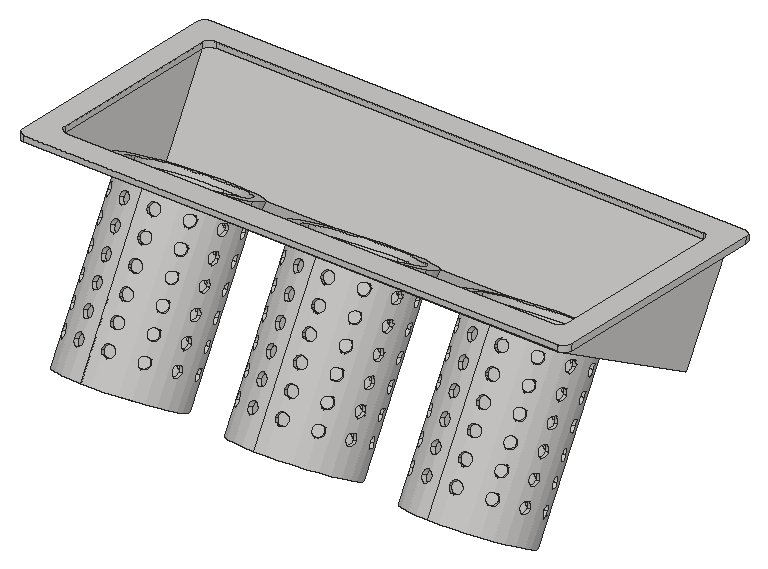
Revit family "QF_Vollrath_FMF-3", category Specialty Equipment, Revit 2016
Family settings
  Part Type = Normal
  Round Connector Dimension = Use Diameter
  OmniClass Number = 23.40.40.14.24
  OmniClass Title = Food Dispensing Equipment
  Work Plane-Based = Yes
  Always vertical = No
  Cut with Voids When Loaded = Yes
  Shared = No
  Room Calculation Point = No
Parameters
  Width = 17.62"
  Weight in Pounds = 0
  Watermarked By = ""
  URL Cutsheet = ""
  URL = "www.vollrath.com"
  Specification by User [instance] = ""
  Specification by Manufacturer [instance] = ""
  Serial Number [instance] = ""
  Revision Code [instance] = ""
  NAFEM Spec ID Number [instance] = ""
  Model = "FMF-3"
  Material = QF_Stainless-Polished
  Masterspec [instance] = ""
  Manufacturer = "Vollrath"
  Item Number [instance] = "-"
  Installed By [instance] = ""
  Height = 7.50"
  Furnished By [instance] = ""
  Foodservice Equipment Identifier = yes
  Description = "Flatware Dispenser"
  Depth = 7.50"
  Default Elevation = 48.00"
  CSI MasterFormat = ""
Reference planes (in)
  plane 1 "BACK": y = 0
  plane 2 "BOTTOM": z = 0
  plane 3 "LEFT": x = -16.56573
  plane 4 "RIGHT": x = 1.05427
  plane 5 "CENTER L/R": x = -7.75573
  plane 6 "FRONT": y = -7.5
  plane 7: y = -3.75
  plane 8 "Inner Left": x = -16.16573
  plane 9 "Inner Right": x = 0.65427
  plane 10: x = -11.96073
  plane 11: x = -3.55073
  plane 12 "TOP": z = 0.18
  plane 13 "Bottom of Holders": z = -8
  plane 14: z = -3
Forms (in)
  Extrusion 1, void
    sketch origin (0, 0, -8) x (0, 1, 0) y (-1, 0, 0)
      loop
        arc (0, 16.31573) -> (-0.07322, 16.4925) -> (-0.25, 16.56573) r 0.25
        line (-0.25, 16.56573) -> (-7.25, 16.56573)
        arc (-7.25, 16.56573) -> (-7.42678, 16.4925) -> (-7.5, 16.31573) r 0.25
        line (-7.5, 16.31573) -> (-7.5, -0.80427)
        arc (-7.5, -0.80427) -> (-7.42678, -0.98105) -> (-7.25, -1.05427) r 0.25
        line (-7.25, -1.05427) -> (-0.25, -1.05427)
        arc (-0.25, -1.05427) -> (-0.07322, -0.98105) -> (0, -0.80427) r 0.25
        line (0, -0.80427) -> (0, 16.31573)
    from 0 to 8.18
  Extrusion 2, solid, material "QF_Stainless-Polished" <- "Material"
    sketch origin (0, 0, 0) x (1, 0, 0) y (0, 1, 0)
      loop
        arc (-16.31573, 0) -> (-16.4925, -0.07322) -> (-16.56573, -0.25) r 0.25
        line (-16.56573, -0.25) -> (-16.56573, -7.25)
        arc (-16.56573, -7.25) -> (-16.4925, -7.42678) -> (-16.31573, -7.5) r 0.25
        line (-16.31573, -7.5) -> (0.80427, -7.5)
        arc (0.80427, -7.5) -> (0.98105, -7.42678) -> (1.05427, -7.25) r 0.25
        line (1.05427, -7.25) -> (1.05427, -0.25)
        arc (1.05427, -0.25) -> (0.98105, -0.07322) -> (0.80427, 0) r 0.25
        line (0.80427, 0) -> (-16.31573, 0)
      loop
        arc (-15.56573, -0.75) -> (-15.7425, -0.82322) -> (-15.81573, -1) r 0.25
        line (-15.81573, -1) -> (-15.81573, -6.5)
        arc (-15.81573, -6.5) -> (-15.7425, -6.67678) -> (-15.56573, -6.75) r 0.25
        line (-15.56573, -6.75) -> (0.05427, -6.75)
        arc (0.05427, -6.75) -> (0.23105, -6.67678) -> (0.30427, -6.5) r 0.25
        line (0.30427, -6.5) -> (0.30427, -1)
        arc (0.30427, -1) -> (0.23105, -0.82322) -> (0.05427, -0.75) r 0.25
        line (0.05427, -0.75) -> (-15.56573, -0.75)
    from 0 to 0.18
  Extrusion 3, solid, material "QF_Stainless-Polished" <- "Material"
    sketch origin (-16.16573, 0, 0) x (0, 1, 0) y (0, 0, 1)
      loop
        line (-0.5, 0) -> (-0.7058, 0) -> (-2.23306, -2.75525) -> (-7.20366, 0) -> (-7.29093, 0) -> (-7.29093, -0.15743) -> (-2.1629, -2.99995) -> (-0.5, 0)
    from 0 to 16.82
  Extrusion 4, solid, material "QF_Stainless-Polished" <- "Material"
    sketch origin (-16.16573, 0, 0) x (0, 1, 0) y (0, 0, 1)
      loop
        line (-0.5, 0) -> (-7.29093, 0) -> (-7.29093, -0.15743) -> (-2.1629, -2.99995) -> (-0.5, 0)
    from 0 to 0.18
  Extrusion 5, solid, material "QF_Stainless-Polished" <- "Material"
    sketch origin (0.65427, 0, 0) x (0, 1, 0) y (0, 0, 1)
      loop
        line (-0.5, 0) -> (-7.29093, 0) -> (-7.29093, -0.15743) -> (-2.1629, -2.99995) -> (-0.5, 0)
    from 0 to -0.18
  Extrusion 6, void
    sketch origin (-16.16573, -2.07563, -2.84251) x (0, 0.87462, -0.48481) y (1, 0, 0)
      loop
        circle (-3.02158, 2.83) r 2.0225
      loop
        circle (-3.02158, 8.41) r 2.0225
    from 0 to 0.58974
  Extrusion 7, void
    sketch origin (-16.16573, -2.07563, -2.84251) x (0, 0.87462, -0.48481) y (1, 0, 0)
      loop
        circle (-3.02158, 13.99) r 2.0225
    from 0 to 0.58974
Cuts and joins
  Extrusion 6, Extrusion 7 cuts Extrusion 3
  Extrusion 6, Extrusion 7 cuts Extrusion 4
  Extrusion 6, Extrusion 7 cuts Extrusion 5
  joined: Extrusion 3, Extrusion 4, Extrusion 5
Lines and regions (in)
  symbolic lines, style "QF_Details_Surface"
    curve 1: spline (-15.35793, -4.69876, 0) -> (-15.284, -4.24492, 0) -> (-15.07924, -3.82293, 0) -> (-14.7574, -3.46114, 0) -> (-14.34011, -3.18383, 0) -> (-13.85536, -3.00963, 0) -> (-13.33573, -2.95023, 0) -> (-12.81609, -3.00963, 0) -> (-12.33135, -3.18383, 0) -> (-11.91405, -3.46114, 0) -> (-11.59221, -3.82293, 0) -> (-11.38746, -4.24492, 0) -> (-11.31353, -4.69876, 0)
    curve 2: spline (-11.31353, -4.69876, 0) -> (-11.38243, -5.15673, 0) -> (-11.58445, -5.58348, 0) -> (-11.90581, -5.94995, 0) -> (-12.32463, -6.23115, 0) -> (-12.81234, -6.40791, 0) -> (-13.33573, -6.46821, 0) -> (-13.85911, -6.40791, 0) -> (-14.34683, -6.23115, 0) -> (-14.76564, -5.94995, 0) -> (-15.087, -5.58348, 0) -> (-15.28902, -5.15673, 0) -> (-15.35793, -4.69876, 0)
    curve 3: spline (-5.65353, -4.69876, 0) -> (-5.72746, -4.24492, 0) -> (-5.93221, -3.82293, 0) -> (-6.25405, -3.46114, 0) -> (-6.67135, -3.18383, 0) -> (-7.15609, -3.00963, 0) -> (-7.67573, -2.95023, 0) -> (-8.19536, -3.00963, 0) -> (-8.68011, -3.18383, 0) -> (-9.0974, -3.46114, 0) -> (-9.41924, -3.82293, 0) -> (-9.624, -4.24492, 0) -> (-9.69793, -4.69876, 0)
    curve 4: spline (-9.69793, -4.69876, 0) -> (-9.62902, -5.15673, 0) -> (-9.427, -5.58348, 0) -> (-9.10564, -5.94995, 0) -> (-8.68683, -6.23115, 0) -> (-8.19911, -6.40791, 0) -> (-7.67573, -6.46821, 0) -> (-7.15234, -6.40791, 0) -> (-6.66463, -6.23115, 0) -> (-6.24581, -5.94995, 0) -> (-5.92445, -5.58348, 0) -> (-5.72243, -5.15673, 0) -> (-5.65353, -4.69876, 0)
    curve 21: spline (-4.19823, -4.71836, 0) -> (-4.12931, -4.26053, 0) -> (-3.92726, -3.8339, 0) -> (-3.60585, -3.46755, 0) -> (-3.18698, -3.18643, 0) -> (-2.69919, -3.00972, 0) -> (-2.17573, -2.94944, 0) -> (-1.65226, -3.00972, 0) -> (-1.16448, -3.18643, 0) -> (-0.7456, -3.46755, 0) -> (-0.42419, -3.8339, 0) -> (-0.22214, -4.26053, 0) -> (-0.15323, -4.71836, 0)
    curve 22: spline (-0.15323, -4.71836, 0) -> (-0.22214, -5.17619, 0) -> (-0.42419, -5.60282, 0) -> (-0.7456, -5.96918, 0) -> (-1.16448, -6.25029, 0) -> (-1.65226, -6.42701, 0) -> (-2.17573, -6.48728, 0) -> (-2.69919, -6.42701, 0) -> (-3.18698, -6.25029, 0) -> (-3.60585, -5.96918, 0) -> (-3.92726, -5.60282, 0) -> (-4.12931, -5.17619, 0) -> (-4.19823, -4.71836, 0)
  symbolic lines
    curve 5: line (-16.31573, 0, 0) -> (0.80427, 0, 0)
    curve 6: line (-16.56573, -7.25, 0) -> (-16.56573, -0.25, 0)
    curve 7: line (0.80427, -7.5, 0) -> (-16.31573, -7.5, 0)
    curve 8: line (1.05427, -0.25, 0) -> (1.05427, -7.25, 0)
    curve 9: arc (0.80427, -7.5, 0) -> (0.98105, -7.42678, 0) -> (1.05427, -7.25, 0) r 0.25
    curve 10: arc (1.05427, -0.25, 0) -> (0.98105, -0.07322, 0) -> (0.80427, 0, 0) r 0.25
    curve 11: arc (-16.31573, 0, 0) -> (-16.4925, -0.07322, 0) -> (-16.56573, -0.25, 0) r 0.25
    curve 12: arc (-16.56573, -7.25, 0) -> (-16.4925, -7.42678, 0) -> (-16.31573, -7.5, 0) r 0.25
    curve 13: line (-15.56573, -0.75, 0) -> (0.05427, -0.75, 0)
    curve 14: arc (-15.81573, -1, 0) -> (-15.7425, -0.82322, 0) -> (-15.56573, -0.75, 0) r 0.25
    curve 15: line (-15.81573, -6.5, 0) -> (-15.81573, -1, 0)
    curve 16: arc (-15.56573, -6.75, 0) -> (-15.7425, -6.67678, 0) -> (-15.81573, -6.5, 0) r 0.25
    curve 17: line (0.05427, -6.75, 0) -> (-15.56573, -6.75, 0)
    curve 18: arc (0.30427, -6.5, 0) -> (0.23105, -6.67678, 0) -> (0.05427, -6.75, 0) r 0.25
    curve 19: line (0.30427, -1, 0) -> (0.30427, -6.5, 0)
    curve 20: arc (0.05427, -0.75, 0) -> (0.23105, -0.82322, 0) -> (0.30427, -1, 0) r 0.25
Dimensions and locks (in)
  "Width": plane 3 "LEFT" to plane 4 "RIGHT"
  equal spacing: plane 3 "LEFT", plane 5 "CENTER L/R", plane 4 "RIGHT"
  "Depth": plane 1 "BACK" to plane 6 "FRONT"
  locked: plane 3 "LEFT" to plane 8 "Inner Left" at 0.4
  locked: plane 9 "Inner Right" to plane 4 "RIGHT" at 0.4
  equal spacing: plane 8 "Inner Left", plane 10, plane 5 "CENTER L/R"
  equal spacing: plane 5 "CENTER L/R", plane 11, plane 9 "Inner Right"
  locked: plane 12 "TOP" to level at 0.18
  level to plane 13 "Bottom of Holders" = 8.00"
  locked: Extrusion 2 sketch curve to plane 1 "BACK" at 0.75
  locked: plane 3 "LEFT" to Extrusion 2 sketch curve at 0.75
  locked: Extrusion 2 sketch curve to plane 4 "RIGHT" at 0.75
  locked: Extrusion 2 sketch curve to plane 6 "FRONT" at 0.75
  equal spacing: plane 1 "BACK", plane 7, plane 6 "FRONT"
  level to plane 14 = 3.00"
  aligned and locked: level to plane 2 "BOTTOM"
  aligned and locked: Extrusion 1 sketch curve to plane 4 "RIGHT"
  aligned and locked: plane 1 "BACK" to Extrusion 2 sketch curve
  aligned and locked: plane 3 "LEFT" to Extrusion 2 sketch curve
  aligned and locked: plane 6 "FRONT" to Extrusion 2 sketch curve
  aligned and locked: Extrusion 2 sketch curve to plane 4 "RIGHT"
  aligned and locked: plane 12 "TOP" to Extrusion 2
  aligned and locked: plane 9 "Inner Right" to Extrusion 3
  aligned and locked: curve 8 to plane 4 "RIGHT"
  aligned and locked: curve 19 to Extrusion 2
Automatic sketch dimensions
  Extrusion 3 sketch curve to level = 0.00"  (x2)
  plane 6 "FRONT" to Extrusion 3 sketch curve = 0.20907"
  Extrusion 3 sketch curve to Extrusion 3 sketch curve = 0.08727"
  plane 14 to Extrusion 3 sketch curve = 0.24475"
  plane 14 to Extrusion 3 sketch curve = 0.00005"
  Extrusion 3 sketch curve to Extrusion 3 sketch curve = 0.07017"
  plane 7 to Extrusion 3 sketch curve = 1.51694"
  Extrusion 3 sketch curve to Extrusion 3 sketch curve = 0.2058"
  Extrusion 4 sketch curve to level = 0.00"
  plane 6 "FRONT" to Extrusion 4 sketch curve = 0.20907"
  plane 14 to Extrusion 4 sketch curve = 0.00005"
  plane 7 to Extrusion 4 sketch curve = 1.5871"
  Extrusion 4 sketch curve to Extrusion 4 sketch curve = 0.15743"
  Extrusion 5 sketch curve to level = 0.00"
  plane 6 "FRONT" to Extrusion 5 sketch curve = 0.20907"
  plane 14 to Extrusion 5 sketch curve = 0.00005"
  plane 7 to Extrusion 5 sketch curve = 1.5871"
  Extrusion 5 sketch curve to Extrusion 5 sketch curve = 0.15743"
  Extrusion 1 sketch curve to plane 6 "FRONT" = 0.00"
  Extrusion 1 sketch curve to plane 3 "LEFT" = 0.00"
  plane 1 "BACK" to Extrusion 1 sketch curve = 0.00"
  plane 6 "FRONT" to Extrusion 1 sketch curve = 0.25"  (x2)
  plane 9 "Inner Right" to Extrusion 1 sketch curve = 0.15"
  plane 1 "BACK" to Extrusion 1 sketch curve = 0.25"
  Extrusion 2 sketch curve to plane 8 "Inner Left" = 0.15"  (x2)
  Extrusion 2 sketch curve to Extrusion 2 sketch curve = 0.25"  (x4)
  plane 9 "Inner Right" to Extrusion 2 sketch curve = 0.15"  (x2)
  curve 6 to plane 3 "LEFT" = 0.00"
  curve 7 to plane 6 "FRONT" = 0.00"
  plane 1 "BACK" to curve 11 = 0.00"
  curve 2 to plane 10 = 1.375"
  curve 3 to plane 11 = 4.125"
  curve 11 to plane 8 "Inner Left" = 0.15"
  curve 12 to plane 8 "Inner Left" = 0.15"
  plane 9 "Inner Right" to curve 9 = 0.15"
  plane 9 "Inner Right" to curve 10 = 0.15"
  plane 8 "Inner Left" to curve 2 = 0.8078"
  curve 1 to curve 1 = 0.00014"
  curve 3 to plane 5 "CENTER L/R" = 1.94234"
  curve 3 to curve 3 = 0.00014"
  curve 1 to plane 7 = 0.9693"
  curve 3 to plane 7 = 0.9693"
  curve 3 to curve 4 = 0.02055"
  curve 1 to curve 1 = 0.02055"
  plane 8 "Inner Left" to curve 14 = 0.60"
  plane 1 "BACK" to curve 14 = 1.00"
  curve 14 to curve 13 = 0.25"
  curve 12 to curve 15 = 0.75"
  curve 15 to curve 16 = 0.25"
  curve 17 to curve 18 = 0.25"
  curve 19 to curve 13 = 0.25"
  Extrusion 6 sketch curve to Extrusion 3 = 2.84158"  (x2)
  Extrusion 6 sketch curve to Extrusion 3 = 2.83"
  Extrusion 6 sketch curve to Extrusion 3 = 0.8075"
  Extrusion 6 sketch curve to Extrusion 6 sketch curve = 0.00"  (x2)
  Extrusion 6 sketch curve to Extrusion 6 sketch curve = 3.5575"
  Extrusion 6 sketch curve to Extrusion 6 sketch curve = 1.535"
  Extrusion 7 sketch curve to Extrusion 7 sketch curve = 0.00"  (x2)
  Extrusion 7 sketch curve to Extrusion 3 = 2.84158"
  Extrusion 7 sketch curve to Extrusion 3 = 2.83"
  Extrusion 7 sketch curve to Extrusion 7 sketch curve = 2.0225"
  curve 22 to plane 11 = 0.6475"
  plane 11 to curve 22 = 1.375"
  curve 21 to plane 7 = 0.96836"
Nested families (in)
  nested 1: "QF_Vollrath_Flatware Cylinder-1" at (3.23, -4.71836, -1.37762) x (1, 0, 0) z (0, 0.4848, 0.8746), type "QF_Vollrath_Flatware Cylinder-1"
    with Outer Lid Radius 2.0225", Material QF_Stainless-Polished, Lower Outer Radius 1.835", Inner Radius 1.71"
  nested 2: "QF_Vollrath_Flatware Cylinder-1" at (-24.32145, -4.71836, -1.37762) x (-1, 0, 0) z (0, 0.4848, 0.8746), type "QF_Vollrath_Flatware Cylinder-1"
    with Outer Lid Radius 2.0225", Material QF_Stainless-Polished, Lower Outer Radius 1.835", Inner Radius 1.71"
  nested 3: "QF_Vollrath_Flatware Cylinder-1" at (-18.74145, -4.71836, -1.37762) x (-1, 0, 0) z (0, 0.4848, 0.8746), type "QF_Vollrath_Flatware Cylinder-1"
    with Outer Lid Radius 2.0225", Material QF_Stainless-Polished, Lower Outer Radius 1.835", Inner Radius 1.71"
Definition of nested family "QF_Vollrath_Flatware Cylinder-1"
  Parameters
    Watermarked By = ""
    Outer Lid Radius [instance] = Inner Radius + 0.3125"  # 2.1875"
    Material [instance] = none
    Lower Outer Radius [instance] = Inner Radius + 0.125"  # 2.00"
    Inner Radius [instance] = 1.875"
    Default Elevation = 48.00"
  Reference planes (in)
    plane 1 "BACK": y = 0
    plane 2: z = 0
    plane 3 "LEFT": x = -16.56573
    plane 4 "TOP": z = 0.1875
    plane 5 "BOTTOM": z = -5.4504
  Forms (in)
    Extrusion 1, solid, material <- "Material"
      sketch origin (0, 0, 0) x (1, 0, 0) y (0, 1, 0)
        loop
          circle (-16.56573, 0) r 2.1875
        loop
          circle (-16.56573, 0) r 1.875
      from 0 to 0.1875
    Extrusion 2, solid, material <- "Material"
      sketch origin (0, 0, -5.4504) x (0, 1, 0) y (-1, 0, 0)
        loop
          circle (0, 16.56573) r 1.875
        loop
          circle (0, 16.56573) r 2
      from 0 to 5.4504
    Extrusion 3, solid, material <- "Material"
      sketch origin (0, 0, -5.4504) x (0, 1, 0) y (-1, 0, 0)
        loop
          circle (0, 16.56573) r 1.875
      from 0 to 0.125
    Extrusion 4, void
      sketch origin (-0.56446, -4.28753, 0) x (0.965926, -0.258819, 0) y (0, 0, 1)
        loop
          circle (-16.56573, -0.6875) r 0.1875
        loop
          circle (-16.56573, -1.4375) r 0.1875
        loop
          circle (-16.56573, -2.1875) r 0.1875
        loop
          circle (-16.56573, -2.9375) r 0.1875
        loop
          circle (-16.56573, -3.6875) r 0.1875
        loop
          circle (-16.56573, -4.4375) r 0.1875
      from -12 to 12
    Extrusion 5, void
      sketch origin (-4.85199, -11.71374, 0) x (0.707107, -0.707107, 0) y (0, 0, 1)
        loop
          circle (-16.56573, -0.6875) r 0.1875
        loop
          circle (-16.56573, -1.4375) r 0.1875
        loop
          circle (-16.56573, -2.1875) r 0.1875
        loop
          circle (-16.56573, -2.9375) r 0.1875
        loop
          circle (-16.56573, -3.6875) r 0.1875
        loop
          circle (-16.56573, -4.4375) r 0.1875
      from -12 to 12
    Extrusion 6, void
      sketch origin (-12.2782, -16.00126, 0) x (0.258819, -0.965926, 0) y (0, 0, 1)
        loop
          circle (-16.56573, -0.6875) r 0.1875
        loop
          circle (-16.56573, -1.4375) r 0.1875
        loop
          circle (-16.56573, -2.1875) r 0.1875
        loop
          circle (-16.56573, -2.9375) r 0.1875
        loop
          circle (-16.56573, -3.6875) r 0.1875
        loop
          circle (-16.56573, -4.4375) r 0.1875
      from -12 to 12
    Extrusion 7, void
      sketch origin (-20.85325, -16.00126, 0) x (-0.258819, -0.965926, 0) y (0, 0, 1)
        loop
          circle (-16.56573, -0.6875) r 0.1875
        loop
          circle (-16.56573, -1.4375) r 0.1875
        loop
          circle (-16.56573, -2.1875) r 0.1875
        loop
          circle (-16.56573, -2.9375) r 0.1875
        loop
          circle (-16.56573, -3.6875) r 0.1875
        loop
          circle (-16.56573, -4.4375) r 0.1875
      from -12 to 12
    Extrusion 8, void
      sketch origin (-28.27946, -11.71374, 0) x (-0.707107, -0.707107, 0) y (0, 0, 1)
        loop
          circle (-16.56573, -0.6875) r 0.1875
        loop
          circle (-16.56573, -1.4375) r 0.1875
        loop
          circle (-16.56573, -2.1875) r 0.1875
        loop
          circle (-16.56573, -2.9375) r 0.1875
        loop
          circle (-16.56573, -3.6875) r 0.1875
        loop
          circle (-16.56573, -4.4375) r 0.1875
      from -12 to 12
    Extrusion 9, void
      sketch origin (-32.56699, -4.28753, 0) x (-0.965926, -0.258819, 0) y (0, 0, 1)
        loop
          circle (-16.56573, -0.6875) r 0.1875
        loop
          circle (-16.56573, -1.4375) r 0.1875
        loop
          circle (-16.56573, -2.1875) r 0.1875
        loop
          circle (-16.56573, -2.9375) r 0.1875
        loop
          circle (-16.56573, -3.6875) r 0.1875
        loop
          circle (-16.56573, -4.4375) r 0.1875
      from -12 to 12
  Cuts and joins
    Extrusion 4, Extrusion 5, Extrusion 6, Extrusion 7, Extrusion 8, Extrusion 9 cuts Extrusion 1
    Extrusion 4, Extrusion 5, Extrusion 6, Extrusion 7, Extrusion 8, Extrusion 9 cuts Extrusion 2
    joined: Extrusion 1, Extrusion 2
  Lines and regions (in)
    symbolic lines
      curve 1: arc (-14.37823, 0, -5.4504) -> (-16.56573, 2.1875, -5.4504) -> (-18.75323, 0, -5.4504) r 2.1875
      curve 2: arc (-18.75323, 0, -5.4504) -> (-16.56573, -2.1875, -5.4504) -> (-14.37823, 0, -5.4504) r 2.1875
      curve 3: arc (-14.69073, 0, -5.4504) -> (-16.56573, -1.875, -5.4504) -> (-18.44073, 0, -5.4504) r 1.875
      curve 4: arc (-18.44073, 0, -5.4504) -> (-16.56573, 1.875, -5.4504) -> (-14.69073, 0, -5.4504) r 1.875
  Dimensions and locks (in)
    locked: plane 4 "TOP" to level at 0.1875
    locked: level to plane 5 "BOTTOM" at 5.4504
    "Outer Lid Radius": radius of Extrusion 1 sketch curve
    "Inner Radius": radius of Extrusion 1 sketch curve
    "Inner Radius": radius of Extrusion 2 sketch curve
    "Lower Outer Radius": radius of Extrusion 2 sketch curve
    "Inner Radius": radius of Extrusion 3 sketch curve
    aligned and locked: level to plane 2
    aligned and locked: plane 4 "TOP" to Extrusion 1
    aligned and locked: level to Extrusion 2
    aligned and locked: curve 1 to cut or joined group 1 (Extrusion 1, Extrusion 2, Extrusion 4, Extrusion 5, Extrusion 6, Extrusion 7, Extrusion 8, Extrusion 9)
    aligned and locked: curve 2 to cut or joined group 1
    aligned and locked: curve 3 to cut or joined group 1
    aligned and locked: curve 4 to cut or joined group 1
  Automatic sketch dimensions
    Extrusion 4 sketch curve to level = 1.4375"
    Extrusion 4 sketch curve to Extrusion 4 sketch curve = 0.00"  (x5)
    Extrusion 4 sketch curve to Extrusion 4 sketch curve = 0.75"  (x4)
    Extrusion 4 sketch curve to level = 0.6875"
    Extrusion 5 sketch curve to level = 1.4375"
    Extrusion 5 sketch curve to Extrusion 5 sketch curve = 0.00"  (x5)
    Extrusion 5 sketch curve to Extrusion 5 sketch curve = 0.75"  (x4)
    Extrusion 5 sketch curve to level = 0.6875"
    Extrusion 6 sketch curve to level = 1.4375"
    Extrusion 6 sketch curve to Extrusion 6 sketch curve = 0.00"  (x5)
    Extrusion 6 sketch curve to Extrusion 6 sketch curve = 0.75"  (x4)
    Extrusion 6 sketch curve to level = 0.6875"
    Extrusion 7 sketch curve to level = 1.4375"
    Extrusion 7 sketch curve to Extrusion 7 sketch curve = 0.00"  (x5)
    Extrusion 7 sketch curve to Extrusion 7 sketch curve = 0.75"  (x4)
    Extrusion 7 sketch curve to level = 0.6875"
    Extrusion 8 sketch curve to level = 1.4375"
    Extrusion 8 sketch curve to Extrusion 8 sketch curve = 0.00"  (x5)
    Extrusion 8 sketch curve to Extrusion 8 sketch curve = 0.75"  (x4)
    Extrusion 8 sketch curve to level = 0.6875"
    Extrusion 9 sketch curve to level = 1.4375"
    Extrusion 9 sketch curve to Extrusion 9 sketch curve = 0.00"  (x5)
    Extrusion 9 sketch curve to Extrusion 9 sketch curve = 0.75"  (x4)
    Extrusion 9 sketch curve to level = 0.6875"
    Extrusion 1 sketch curve to Extrusion 1 sketch curve = 0.00"  (x2)
    plane 1 "BACK" to Extrusion 1 sketch curve = 0.00"
    Extrusion 1 sketch curve to plane 3 "LEFT" = 0.00"
    Extrusion 2 sketch curve to Extrusion 2 sketch curve = 0.00"  (x2)
    plane 1 "BACK" to Extrusion 2 sketch curve = 0.00"
    Extrusion 2 sketch curve to plane 3 "LEFT" = 0.00"
    plane 1 "BACK" to Extrusion 3 sketch curve = 0.00"
    Extrusion 3 sketch curve to plane 3 "LEFT" = 0.00"
    radius of Extrusion 4 sketch curve = 0.1875"  (x6)
    radius of Extrusion 5 sketch curve = 0.1875"  (x6)
    radius of Extrusion 6 sketch curve = 0.1875"  (x6)
    radius of Extrusion 7 sketch curve = 0.1875"  (x6)
    radius of Extrusion 8 sketch curve = 0.1875"  (x6)
    radius of Extrusion 9 sketch curve = 0.1875"  (x6)
